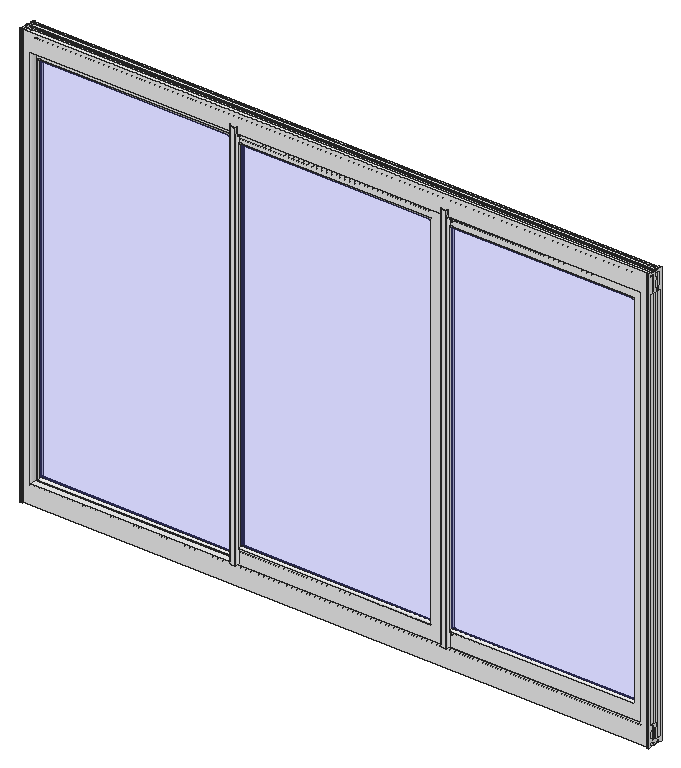
Revit family "DAL_A3-AGI-Sliding-Patio-Door-With-Side-Lights-2960mm", category Doors, host Wall, Revit 2016
Family settings
  Host = Wall
  Always vertical = Yes
  Cut with Voids When Loaded = No
  Shared = No
  Room Calculation Point = No
Parameters (values of type "AGI sliding patio door with side lights 2960mm")
  URL = "http://www.agi.co.za/patioDoor1.htm"
  Panel 2 Width = (Width / 3)  # 986.667 mm
  Panel 2 Hieght = Height - 89 mm  # 1911 mm
  Panel 1 Width = (Width / 3) - 10 mm  # 976.667 mm
  Panel 1 Hieght = Height - 154 mm  # 1846 mm
  Manufacturer = "AGI"
  Function = Interior
  Frame material = none
  Frame Projection Ext. = 25 mm
  Frame Projection Int. = 25 mm
  Frame Width = 75 mm
  Height = 2000 mm
  Wall Closure = By host
  Width = 2960 mm
Reference planes
  plane 1 "Centre(Exterior/Interior)": y = 0
  plane 2 "Center (Left/Right)": x = -250
  plane 3 "Left": x = -1236.667
  plane 4 "Right": x = 1723.333
  plane 5 "Top": z = 2000
  plane 6 "Exterior": y = 75
  plane 7 "Interior": y = -75
  plane 8: z = 25
  plane 9 "Panel top": z = 1936.037
  plane 10: x = -1226.667
  plane 11: x = 1713.333
  plane 12: z = 90
  plane 13: x = 736.667
Forms (mm)
  Sweep 1, solid, material <- "Frame material", detail levels medium+fine
    path origin (0, 0, 0) x (1, 0, 0) y (0, 0, 1)
      loop
        line (1723.333, 0) -> (-1236.667, 0)
    profile "AGI SLIDING PATIO Base frame profile : AGI SLIDING PATIO Base frame profile" origin (243.333, 0, 0) x (0, 0, -1) y (0, -1, 0)
      loop
        line (-90, 32.5) -> (-90, -2.5) -> (-73.55, -2.5) -> (-73.55, 2.5) -> (-86, 2.5) -> (-86, 4.847) -> (-23.5, 4.847) -> (-23.5, -1) -> (-12.362, -1) -> (-12.362, 1) -> (-21, 1) -> (-21, 21.5) -> (-33.87, 21.5) -> (-33.87, 19) -> (-23.5, 19) -> (-23.5, 7.347) -> (-86, 7.347) -> (-86, 19) -> (-73.55, 19) -> (-65.757, 26.793) -> (-69.293, 26.793) -> (-74.586, 21.5) -> (-86, 21.5) -> (-86, 32.5) -> (-90, 32.5)
      loop
        line (-2, 22.5) -> (0, 22.5) -> (0, 32.5) -> (-85, 32.5) -> (-85, 22.5) -> (-75, 22.5) -> (-70, 27.5) -> (-20, 27.5) -> (-20, 3.847) -> (-18.194, 3.847)
        arc (-18.194, 3.847) -> (-10, 0) -> (-18.194, -3.847) r 5
        line (-18.194, -3.847) -> (-20, -3.847) -> (-19.131, -17.639) -> (-25, -17.639) -> (-25, -19.673) -> (-19.003, -19.673) -> (-18.352, -30) -> (-2, -30) -> (-2, -32.5) -> (0, -32.5) -> (0, -25) -> (-13.657, -25) -> (-14.603, -9.992)
        arc (-14.603, -9.992) -> (-8.146, -7.281) -> (-5.05, -1) r 10
        line (-5.05, -1) -> (0, -1) -> (0, 1) -> (-5.05, 1)
        arc (-5.05, 1) -> (-8.292, 7.416) -> (-15, 10) r 10
        line (-15, 10) -> (-15, 27.5) -> (-2, 27.5) -> (-2, 22.5)
  Sweep 2, solid, material <- "Frame material", detail levels medium+fine
    path origin (0, 0, 0) x (1, 0, 0) y (0, 0, 1)
      loop
        line (1723.333, 2000) -> (1723.333, 0)
    profile "AGI SLIDING PATIO side frame profile : AGI SLIDING PATIO side frame profile" origin (1723.333, 0, 1000) x (1, 0, 0) y (0, -1, 0)
      loop
        line (-10, -32.5) -> (-10, -37.5) -> (0, -37.5) -> (0, -32.5) -> (-2, -32.5) -> (-2, -35.5) -> (-5, -35.5) -> (-5, -11.015) -> (-2, -11.015) -> (-2, -6.015) -> (-5, -6.015) -> (-5, -2.5) -> (-2, -2.5) -> (-2, 2.5) -> (-5, 2.5) -> (-5, 35.5) -> (-2, 35.5) -> (-2, 32.5) -> (0, 32.5) -> (0, 37.5) -> (-10, 37.5) -> (-10, 32.5) -> (-40, 32.5) -> (-40, 27.5) -> (-10, 27.5) -> (-10, 2) -> (-8, 2) -> (-8, -2) -> (-10, -2) -> (-10, -27.5) -> (-37.71, -27.5) -> (-37.71, -26.5) -> (-11, -26.5) -> (-11, -24.5) -> (-36.319, -24.5)
        arc (-36.319, -24.5) -> (-38.09, -14) -> (-36.319, -3.5) r 32.018
        line (-36.319, -3.5) -> (-30.069, -3.5) -> (-30.069, -1) -> (-9, -1) -> (-9, 1) -> (-40, 1)
        arc (-40, 1) -> (-42.935, -15.75) -> (-40, -32.5) r 49.268
        line (-40, -32.5) -> (-10, -32.5)
  Sweep 3, solid, material <- "Frame material", detail levels medium+fine
    path origin (0, 0, 0) x (1, 0, 0) y (0, 0, 1)
      loop
        line (-1236.667, 2000) -> (1723.333, 2000)
    profile "AGI SLIDING PATIO Top frame profile : AGI SLIDING PATIO Top frame profile" origin (243.333, 0, 2000) x (0, 0, 1) y (0, -1, 0)
      loop
        line (0, 1.5) -> (-5, 1.5) -> (-5, 27.5) -> (-2, 27.5) -> (-2, 22.5) -> (0, 22.5) -> (0, 32.5) -> (-90, 32.5) -> (-90, 22.5) -> (-75, 22.5) -> (-75, 27.5) -> (-10, 27.5) -> (-10, 1.5) -> (-27.652, 1.5)
        arc (-27.652, 1.5) -> (-28.663, 4.011) -> (-30.5, 6) r 7.5
        line (-30.5, 6) -> (-27.08, 6) -> (-27.08, 2.18) -> (-11, 8) -> (-88, 8) -> (-88, 19.5) -> (-11, 19.5) -> (-27.08, 26.5) -> (-27.08, 21.5) -> (-90, 21.5) -> (-90, 6) -> (-39.5, 6)
        arc (-39.5, 6) -> (-41.337, 4.011) -> (-42.348, 1.5) r 7.5
        line (-42.348, 1.5) -> (-75, 1.5) -> (-75, 5) -> (-90, 5) -> (-90, -5) -> (-75, -5) -> (-75, -1.5) -> (-42.348, -1.5)
        arc (-42.348, -1.5) -> (-41.321, -4.036) -> (-39.453, -6.035) r 7.5
        line (-39.453, -6.035) -> (-36.781, -2.414)
        arc (-36.781, -2.414) -> (-35, 3) -> (-33.219, -2.414) r 3
        line (-33.219, -2.414) -> (-30.547, -6.035)
        arc (-30.547, -6.035) -> (-28.679, -4.036) -> (-27.652, -1.5) r 7.5
        line (-27.652, -1.5) -> (-10, -1.5) -> (-10, -27.5) -> (-75, -27.5) -> (-75, -22.5) -> (-90, -22.5) -> (-90, -32.5) -> (0, -32.5) -> (0, -22.5) -> (-2, -22.5) -> (-2, -27.5) -> (-5, -27.5) -> (-5, -1.5) -> (0, -1.5) -> (0, 1.5)
  Sweep 4, solid, material <- "Frame material", detail levels medium+fine
    path origin (0, 0, 0) x (1, 0, 0) y (0, 0, 1)
      loop
        line (-1236.667, 2000) -> (-1236.667, 0)
    profile "AGI SLIDING PATIO side frame profile : AGI SLIDING PATIO side frame profile" origin (-1236.667, 0, 1000) x (1, 0, 0) y (0, -1, 0)
      loop
        line (10, 32.5) -> (10, 37.5) -> (0, 37.5) -> (0, 32.5) -> (2, 32.5) -> (2, 35.5) -> (5, 35.5) -> (5, 11.015) -> (2, 11.015) -> (2, 6.015) -> (5, 6.015) -> (5, 2.5) -> (2, 2.5) -> (2, -2.5) -> (5, -2.5) -> (5, -35.5) -> (2, -35.5) -> (2, -32.5) -> (0, -32.5) -> (0, -37.5) -> (10, -37.5) -> (10, -32.5) -> (40, -32.5) -> (40, -27.5) -> (10, -27.5) -> (10, -2) -> (8, -2) -> (8, 2) -> (10, 2) -> (10, 27.5) -> (37.71, 27.5) -> (37.71, 26.5) -> (11, 26.5) -> (11, 24.5) -> (36.319, 24.5)
        arc (36.319, 24.5) -> (38.09, 14) -> (36.319, 3.5) r 32.018
        line (36.319, 3.5) -> (30.069, 3.5) -> (30.069, 1) -> (9, 1) -> (9, -1) -> (40, -1)
        arc (40, -1) -> (42.935, 15.75) -> (40, 32.5) r 49.268
        line (40, 32.5) -> (10, 32.5)
Cuts and joins
  joined: Sweep 1, Sweep 2, Sweep 3, Sweep 4
Lines and regions (mm)
  Opening 1
    outline origin (-3050, -75, 0) x (1, 0, 0) y (0, 0, 1)
      loop
        line (1813.333, 0) -> (4773.333, 0) -> (4773.333, 2000) -> (1813.333, 2000) -> (1813.333, 0)
  symbolic lines, style "Elevation Swing"
    curve 1: line (206.116, 12.619, 0) -> (101.116, 12.619, 0)
    curve 2: line (101.116, 12.619, 0) -> (115.258, -1.523, 0)
    curve 3: line (101.116, 12.619, 0) -> (115.258, 26.761, 0)
    curve 14: line (1286.116, 12.619, 0) -> (1181.116, 12.619, 0)
    curve 15: line (1181.116, 12.619, 0) -> (1195.258, -1.523, 0)
    curve 16: line (1181.116, 12.619, 0) -> (1195.258, 26.761, 0)
  symbolic lines, style "Overhead line", detail levels coarse
    curve 4: line (-1236.667, 75, 0) -> (1723.333, 75, 0)
    curve 5: line (1723.333, -75, 0) -> (-1236.667, -75, 0)
  symbolic lines, style "DoorsPanelProjection", detail levels coarse
    curve 6: line (-1236.667, 17, 0) -> (-250, 17, 0)
    curve 7: line (298.333, 0, 1013) -> (178.333, 0, 1013)
    curve 8: line (178.333, 0, 1013) -> (192.475, 0, 1027.142)
    curve 9: line (178.333, 0, 1013) -> (192.475, 0, 998.858)
    curve 10: line (1285, 0, 1013) -> (1165, 0, 1013)
    curve 11: line (1165, 0, 1013) -> (1179.142, 0, 1027.142)
    curve 12: line (1165, 0, 1013) -> (1179.142, 0, 998.858)
    curve 13: line (1723.333, -14.5, 0) -> (-250, -14.5, 0)
Text (mm)
  text "Exterior" at (-2295.016, 1099.543, 0), in view "Ref. Level"
  text "Exterior" at (0, 1615.38, 3698.081), in view "Left"
  text "Exterior" at (0, 1036.032, 3874.932), in view "Right"
Dimensions and locks
  equal spacing: plane 3 "Left", plane 2 "Center (Left/Right)", plane 13, plane 4 "Right"
  "Width": plane 3 "Left" to plane 4 "Right"
  "Height": plane 5 "Top" to host wall
  host wall to plane 5 "Top" = 2000 mm  (x2)
  locked: plane 6 "Exterior" to host wall at 0
  locked: plane 7 "Interior" to host wall
  locked: level to plane 8 at 25
  locked: plane 3 "Left" to plane 10 at 10
  locked: plane 11 to plane 4 "Right" at 10
  locked: level to plane 12 at 90
  aligned and locked: plane 3 "Left" to Opening 1 sketch curve
  aligned and locked: plane 5 "Top" to Opening 1 sketch curve  (x2)
  aligned and locked: Opening 1 sketch curve to plane 4 "Right"
  aligned and locked: Opening 1 sketch curve to level
  aligned and locked: plane 1 "Centre(Exterior/Interior)" to host wall
  aligned and locked: level to Sweep 1 sketch curve
  aligned and locked: plane 4 "Right" to Sweep 1 sketch curve
  aligned and locked: plane 3 "Left" to Sweep 1 sketch curve
  aligned and locked: plane 4 "Right" to Sweep 2 sketch curve
  aligned and locked: plane 5 "Top" to Sweep 2 sketch curve
  aligned and locked: level to Sweep 2 sketch curve
  aligned and locked: plane 5 "Top" to Sweep 3 sketch curve
  aligned and locked: plane 4 "Right" to Sweep 3 sketch curve
  aligned and locked: plane 3 "Left" to Sweep 3 sketch curve
  aligned and locked: plane 3 "Left" to Sweep 4 sketch curve
  aligned and locked: plane 5 "Top" to Sweep 4 sketch curve
  aligned and locked: level to Sweep 4 sketch curve
  aligned and locked: nested 1 to plane 8
  aligned and locked: plane 3 "Left" to curve 4
  aligned and locked: plane 4 "Right" to curve 4
  aligned and locked: plane 4 "Right" to curve 5
  aligned and locked: curve 5 to plane 7 "Interior"
  aligned and locked: plane 6 "Exterior" to curve 4
  aligned and locked: plane 2 "Center (Left/Right)" to curve 6
  aligned and locked: plane 3 "Left" to curve 6
  aligned and locked: plane 12 to nested 3
  aligned and locked: plane 13 to nested 3
  aligned and locked: nested 3 to nested 2
  aligned and locked: plane 11 to nested 2
  aligned and locked: nested 1 to plane 10
  aligned and locked: nested 2 to cut or joined group of Sweep 1, Sweep 2, Sweep 3, Sweep 4
  aligned and locked: cut or joined group of Sweep 1, Sweep 2, Sweep 3, Sweep 4 to nested 1
  aligned and locked: plane 2 "Center (Left/Right)" to curve 13
  aligned and locked: plane 4 "Right" to curve 13
  aligned and locked: curve 13 to nested 2
Automatic sketch dimensions
  plane 2 "Center (Left/Right)" to curve 7 = 428.333 mm
  curve 7 to curve 8 = 14.142 mm
  curve 7 to curve 9 = 14.142 mm
  curve 8 to curve 7 = 105.858 mm
  plane 13 to curve 10 = 428.333 mm
  curve 12 to curve 11 = 14.142 mm
  curve 12 to curve 12 = 14.142 mm  (x2)
  curve 11 to curve 10 = 105.858 mm
  curve 9 to plane 12 = 908.858 mm
  curve 12 to curve 9 = 0 mm
  curve 9 to curve 8 = 14.142 mm
  curve 5 to plane 3 "Left" = 0 mm
  curve 1 to host wall = 12.619 mm
  plane 2 "Center (Left/Right)" to curve 1 = 351.116 mm
  curve 3 to host wall = 26.761 mm
  curve 1 to curve 3 = 14.142 mm
  host wall to curve 2 = 1.523 mm
  curve 3 to curve 1 = 90.858 mm
  curve 16 to host wall = 12.619 mm
  plane 13 to curve 16 = 444.449 mm
  host wall to curve 15 = 1.523 mm
  curve 14 to curve 15 = 14.142 mm
  curve 16 to host wall = 26.761 mm
  curve 16 to curve 14 = 90.858 mm
  curve 6 to host wall = 17 mm
Nested families
  nested 1: "AGI sliding patio side i" at (-590.533, 17, 25), type "AGI sliding patio side i", detail levels medium+fine
    with Width 986.667 mm
  nested 2: "AGI sliding patio side II" at (1367.8, -14.5, 90), type "AGI sliding patio side II", detail levels medium+fine
    with Width 976.667 mm
  nested 3: "AGI sliding patio side IV" at (381.133, -14.5, 90), type "AGI sliding patio side II", detail levels medium+fine
    with Width 986.667 mm
Definition of nested family "AGI sliding patio side i"
  Parameters
    Width = 750 mm
    Height = 1911 mm
    Glass = none
    Frame = none
    Assembly Code = ""
  Reference planes
    plane 1 "Center (Front/Back)": y = 0
    plane 2: z = 0
    plane 3 "Center (Left/Right)": x = -142.8
    plane 4 "Right": x = 232.2
    plane 5 "Left": x = -517.8
    plane 6: z = 1911
    plane 7: z = 1846
    plane 8: z = 65
    plane 9 "PANEL": y = 2.5
    plane 10: x = -488.8
    plane 11: x = 203.2
  Forms (mm)
    Sweep 1, solid
      path origin (0, 0, 0) x (1, 0, 0) y (0, 1, 0)
        loop
          line (232.2, 0) -> (-517.8, 0)
      profile "AGI panel top & bottom profile : AGI panel top & bottom profile" origin (-142.8, 0, 0) x (0, -1, 0) y (0, 0, 1)
        loop
          line (13, 0) -> (13, 65)
          arc (13, 65) -> (9.925, 72.425) -> (2.5, 75.5) r 10.5
          line (2.5, 75.5) -> (2.5, 65) -> (5, 65) -> (5, 69.899)
          arc (5, 69.899) -> (7.19, 67.872) -> (8, 65) r 5.5
          line (8, 65) -> (8, 54.802) -> (3.867, 54.802)
          arc (3.867, 54.802) -> (0, 56.632) -> (-3.867, 54.802) r 5
          line (-3.867, 54.802) -> (-8, 54.802) -> (-8, 65)
          arc (-8, 65) -> (-7.19, 67.872) -> (-5, 69.899) r 5.5
          line (-5, 69.899) -> (-5, 65) -> (-2.5, 65) -> (-2.5, 75.5)
          arc (-2.5, 75.5) -> (-9.925, 72.425) -> (-13, 65) r 10.5
          line (-13, 65) -> (-13, 0) -> (-5, 0) -> (-5, 5) -> (-8, 5) -> (-8, 49.802) -> (-4.653, 49.802)
          arc (-4.653, 49.802) -> (-3.789, 48.369) -> (-2.5, 47.302) r 5
          line (-2.5, 47.302) -> (-0.948, 49.319)
          arc (-0.948, 49.319) -> (-0.168, 54.126) -> (1.25, 49.467) r 2.5
          line (1.25, 49.467) -> (2.5, 47.302)
          arc (2.5, 47.302) -> (3.789, 48.369) -> (4.653, 49.802) r 5
          line (4.653, 49.802) -> (8, 49.802) -> (8, 5) -> (5, 5) -> (5, 0) -> (13, 0)
    Sweep 2, solid
      path origin (0, 0, 0) x (1, 0, 0) y (0, 0, 1)
        loop
          line (-517.8, 1911) -> (232.2, 1911)
      profile "AGI panel top & bottom profile : AGI panel top & bottom profile" origin (-142.8, 0, 1911) x (0, 0, 1) y (0, -1, 0)
        loop
          line (0, 13) -> (-65, 13)
          arc (-65, 13) -> (-72.425, 9.925) -> (-75.5, 2.5) r 10.5
          line (-75.5, 2.5) -> (-65, 2.5) -> (-65, 5) -> (-69.899, 5)
          arc (-69.899, 5) -> (-67.872, 7.19) -> (-65, 8) r 5.5
          line (-65, 8) -> (-54.802, 8) -> (-54.802, 3.867)
          arc (-54.802, 3.867) -> (-56.632, 0) -> (-54.802, -3.867) r 5
          line (-54.802, -3.867) -> (-54.802, -8) -> (-65, -8)
          arc (-65, -8) -> (-67.872, -7.19) -> (-69.899, -5) r 5.5
          line (-69.899, -5) -> (-65, -5) -> (-65, -2.5) -> (-75.5, -2.5)
          arc (-75.5, -2.5) -> (-72.425, -9.925) -> (-65, -13) r 10.5
          line (-65, -13) -> (0, -13) -> (0, -5) -> (-5, -5) -> (-5, -8) -> (-49.802, -8) -> (-49.802, -4.653)
          arc (-49.802, -4.653) -> (-48.369, -3.789) -> (-47.302, -2.5) r 5
          line (-47.302, -2.5) -> (-49.319, -0.948)
          arc (-49.319, -0.948) -> (-54.126, -0.168) -> (-49.467, 1.25) r 2.5
          line (-49.467, 1.25) -> (-47.302, 2.5)
          arc (-47.302, 2.5) -> (-48.369, 3.789) -> (-49.802, 4.653) r 5
          line (-49.802, 4.653) -> (-49.802, 8) -> (-5, 8) -> (-5, 5) -> (0, 5) -> (0, 13)
    Sweep 3, solid
      path origin (0, 0, 0) x (1, 0, 0) y (0, 0, 1)
        loop
          line (-517.8, 1911) -> (-517.8, 0)
      profile "AGI panel side profile i : AGI panel side profile i" origin (-517.8, 0, 955.5) x (1, 0, 0) y (0, -1, 0)
        loop
          line (0, 13) -> (0, 8) -> (12, 8) -> (12, -8) -> (0, -8) -> (0, -13) -> (40, -13) -> (40, -8) -> (39, -8) -> (39, -2.5) -> (29, -2.5) -> (29, -5) -> (34, -5) -> (34, -8) -> (17, -8) -> (17, 8) -> (34, 8) -> (34, 5) -> (29, 5) -> (29, 2.5) -> (39, 2.5) -> (39, 8) -> (40, 8) -> (40, 13) -> (0, 13)
    Sweep 4, solid
      path origin (0, 0, 0) x (1, 0, 0) y (0, 0, 1)
        loop
          line (232.2, 1911) -> (232.2, 0)
      profile "AGI panel side profile st : AGI panel side profile st" origin (232.2, 0, 955.5) x (1, 0, 0) y (0, -1, 0)
        loop
          line (0.808, 8) -> (-13.241, 8) -> (-12, 6.759) -> (-12, -8) -> (-1.155, -8)
          arc (-1.155, -8) -> (1.377, -0.19) -> (0.808, 8) r 21.581
        loop
          arc (1.595, -13) -> (6.537, 2.438) -> (1.595, 17.875) r 26.581
          line (1.595, 17.875) -> (-12, 17.875) -> (0, 15) -> (0, 13) -> (-40, 13) -> (-40, 8) -> (-39, 8) -> (-39, 2.5) -> (-29, 2.5) -> (-29, 5) -> (-34, 5) -> (-34, 8) -> (-20, 8) -> (-17, 5) -> (-17, -8) -> (-34, -8) -> (-34, -5) -> (-29, -5) -> (-29, -2.5) -> (-39, -2.5) -> (-39, -8) -> (-40, -8) -> (-40, -13) -> (1.595, -13)
    Extrusion 5, solid, material <- "Glass"
      sketch origin (0, 2.5, 0) x (1, 0, 0) y (0, 0, 1)
        loop
          line (-488.8, 65) -> (203.2, 65) -> (203.2, 1846) -> (-488.8, 1846) -> (-488.8, 65)
      from 0 to 5
  Cuts and joins
    joined: Sweep 1, Sweep 2, Sweep 3, Sweep 4
  Dimensions and locks
    equal spacing: plane 5 "Left", plane 3 "Center (Left/Right)", plane 4 "Right"
    "Width": plane 5 "Left" to plane 4 "Right"
    "Height": plane 6 to plane 2
    locked: level to plane 8 at 65
    locked: plane 7 to plane 6 at 65
    locked: plane 5 "Left" to plane 10 at 29
    locked: plane 11 to plane 4 "Right" at 29
    aligned and locked: level to plane 2
    aligned and locked: Sweep 1 sketch curve to plane 1 "Center (Front/Back)"
    aligned and locked: plane 5 "Left" to Sweep 1 sketch curve
    aligned and locked: plane 4 "Right" to Sweep 1 sketch curve
    aligned and locked: Sweep 2 sketch curve to plane 6
    aligned and locked: plane 5 "Left" to Sweep 2 sketch curve
    aligned and locked: plane 4 "Right" to Sweep 2 sketch curve
    aligned and locked: Sweep 3 sketch curve to plane 5 "Left"
    aligned and locked: plane 6 to Sweep 3 sketch curve
    aligned and locked: plane 2 to Sweep 3 sketch curve
    aligned and locked: Sweep 4 sketch curve to plane 4 "Right"
    aligned and locked: plane 6 to Sweep 4 sketch curve
    aligned and locked: plane 2 to Sweep 4 sketch curve
    aligned and locked: Extrusion 5 sketch curve to plane 10
    aligned and locked: Extrusion 5 sketch curve to plane 7
    aligned and locked: Extrusion 5 sketch curve to plane 8
    aligned and locked: Extrusion 5 sketch curve to plane 11
Definition of nested family "AGI sliding patio side II"
  Parameters
    Width = 500 mm
    Height = 1846 mm
    Glass = none
    Frame = none
    Assembly Code = ""
  Reference planes
    plane 1 "Center (Front/Back)": y = 0
    plane 2: z = 0
    plane 3 "Center (Left/Right)": x = -142.8
    plane 4 "Right": x = 107.2
    plane 5 "Left": x = -392.8
    plane 6: z = 1846
    plane 7: z = 1781
    plane 8: z = 65
    plane 9 "PANEL": y = 2.5
    plane 10: x = -363.8
    plane 11: x = 53.2
  Forms (mm)
    Sweep 1, solid
      path origin (0, 0, 0) x (1, 0, 0) y (0, 1, 0)
        loop
          line (107.2, 0) -> (-392.8, 0)
      profile "AGI panel top & bottom profile : AGI panel top & bottom profile" origin (-142.8, 0, 0) x (0, -1, 0) y (0, 0, 1)
        loop
          line (13, 0) -> (13, 65)
          arc (13, 65) -> (9.925, 72.425) -> (2.5, 75.5) r 10.5
          line (2.5, 75.5) -> (2.5, 65) -> (5, 65) -> (5, 69.899)
          arc (5, 69.899) -> (7.19, 67.872) -> (8, 65) r 5.5
          line (8, 65) -> (8, 54.802) -> (3.867, 54.802)
          arc (3.867, 54.802) -> (0, 56.632) -> (-3.867, 54.802) r 5
          line (-3.867, 54.802) -> (-8, 54.802) -> (-8, 65)
          arc (-8, 65) -> (-7.19, 67.872) -> (-5, 69.899) r 5.5
          line (-5, 69.899) -> (-5, 65) -> (-2.5, 65) -> (-2.5, 75.5)
          arc (-2.5, 75.5) -> (-9.925, 72.425) -> (-13, 65) r 10.5
          line (-13, 65) -> (-13, 0) -> (-5, 0) -> (-5, 5) -> (-8, 5) -> (-8, 49.802) -> (-4.653, 49.802)
          arc (-4.653, 49.802) -> (-3.789, 48.369) -> (-2.5, 47.302) r 5
          line (-2.5, 47.302) -> (-0.948, 49.319)
          arc (-0.948, 49.319) -> (-0.168, 54.126) -> (1.25, 49.467) r 2.5
          line (1.25, 49.467) -> (2.5, 47.302)
          arc (2.5, 47.302) -> (3.789, 48.369) -> (4.653, 49.802) r 5
          line (4.653, 49.802) -> (8, 49.802) -> (8, 5) -> (5, 5) -> (5, 0) -> (13, 0)
    Sweep 2, solid
      path origin (0, 0, 0) x (1, 0, 0) y (0, 0, 1)
        loop
          line (-392.8, 1846) -> (107.2, 1846)
      profile "AGI panel top & bottom profile : AGI panel top & bottom profile" origin (-142.8, 0, 1846) x (0, 0, 1) y (0, -1, 0)
        loop
          line (0, 13) -> (-65, 13)
          arc (-65, 13) -> (-72.425, 9.925) -> (-75.5, 2.5) r 10.5
          line (-75.5, 2.5) -> (-65, 2.5) -> (-65, 5) -> (-69.899, 5)
          arc (-69.899, 5) -> (-67.872, 7.19) -> (-65, 8) r 5.5
          line (-65, 8) -> (-54.802, 8) -> (-54.802, 3.867)
          arc (-54.802, 3.867) -> (-56.632, 0) -> (-54.802, -3.867) r 5
          line (-54.802, -3.867) -> (-54.802, -8) -> (-65, -8)
          arc (-65, -8) -> (-67.872, -7.19) -> (-69.899, -5) r 5.5
          line (-69.899, -5) -> (-65, -5) -> (-65, -2.5) -> (-75.5, -2.5)
          arc (-75.5, -2.5) -> (-72.425, -9.925) -> (-65, -13) r 10.5
          line (-65, -13) -> (0, -13) -> (0, -5) -> (-5, -5) -> (-5, -8) -> (-49.802, -8) -> (-49.802, -4.653)
          arc (-49.802, -4.653) -> (-48.369, -3.789) -> (-47.302, -2.5) r 5
          line (-47.302, -2.5) -> (-49.319, -0.948)
          arc (-49.319, -0.948) -> (-54.126, -0.168) -> (-49.467, 1.25) r 2.5
          line (-49.467, 1.25) -> (-47.302, 2.5)
          arc (-47.302, 2.5) -> (-48.369, 3.789) -> (-49.802, 4.653) r 5
          line (-49.802, 4.653) -> (-49.802, 8) -> (-5, 8) -> (-5, 5) -> (0, 5) -> (0, 13)
    Extrusion 3, solid, material <- "Glass"
      sketch origin (0, 2.5, 0) x (1, 0, 0) y (0, 0, 1)
        loop
          line (-363.8, 65) -> (53.2, 65) -> (53.2, 1781) -> (-363.8, 1781) -> (-363.8, 65)
      from 0 to 5
    Sweep 4, solid
      path origin (0, 2.5, 0) x (1, 0, 0) y (0, 0, 1)
        loop
          line (-392.8, 1846) -> (-392.8, 0)
      profile "AGI panel side profile outside : AGI panel side profile outside" origin (-392.8, 2.5, 923) x (1, 0, 0) y (0, -1, 0)
        loop
          line (5.005, -5.5) -> (14.841, -5.5) -> (13.6, -4.259) -> (13.6, 10.5) -> (5.005, 10.5) -> (5.005, -5.5)
        loop
          line (0.005, -10.5) -> (41.6, -10.5) -> (41.6, -5.5) -> (40.6, -5.5) -> (40.6, 0) -> (30.6, 0) -> (30.6, -2.5) -> (35.6, -2.5) -> (35.6, -5.5) -> (21.6, -5.5) -> (18.6, -2.5) -> (18.6, 10.5) -> (35.6, 10.5) -> (35.6, 7.5) -> (30.6, 7.5) -> (30.6, 5) -> (40.6, 5) -> (40.6, 10.5) -> (41.6, 10.5) -> (41.6, 15.5)
          arc (41.6, 15.5) -> (36.124, 20.153) -> (36.892, 27.297) r 7.681
          arc (36.892, 27.297) -> (37.161, 30.042) -> (35.01, 31.769) r 2.898
          arc (35.01, 31.769) -> (14.921, 29.201) -> (0.005, 15.5) r 33.416
          line (0.005, 15.5) -> (0.005, -10.5)
        loop
          line (5.982, 15.5) -> (38.886, 15.5)
          arc (38.886, 15.5) -> (34.795, 21.066) -> (36.063, 27.857) r 8.681
          arc (36.063, 27.857) -> (36.257, 29.614) -> (34.919, 30.769) r 1.899
          arc (34.919, 30.769) -> (17.97, 29.377) -> (4.058, 19.596) r 32.416
          arc (4.058, 19.596) -> (3.719, 16.937) -> (5.982, 15.5) r 2.5
    Sweep 5, solid
      path origin (0, 2.5, 0) x (1, 0, 0) y (0, 0, 1)
        loop
          line (107.2, 1846) -> (107.2, 0)
      profile "AGI panel side profile lng : AGI panel side profile lng" origin (107.2, 2.5, 923) x (1, 0, 0) y (0, -1, 0)
        loop
          line (-16.155, 10.5) -> (-37, 10.5) -> (-37, -5.5) -> (-16.155, -5.5) -> (-16.155, 10.5)
        loop
          line (0, -10.5) -> (0, -2.5) -> (-5, -2.5) -> (-5, -5.5) -> (-11.155, -5.5) -> (-11.155, 10.5) -> (-5, 10.5) -> (-5, 7.5) -> (0, 7.5) -> (0, 15.5) -> (-65, 15.5) -> (-65, 10.5) -> (-64, 10.5) -> (-64, 5) -> (-54, 5) -> (-54, 7.5) -> (-59, 7.5) -> (-59, 10.5) -> (-42, 10.5) -> (-42, -5.5) -> (-59, -5.5) -> (-59, -2.5) -> (-54, -2.5) -> (-54, 0) -> (-64, 0) -> (-64, -5.5) -> (-65, -5.5) -> (-65, -10.5) -> (0, -10.5)
  Cuts and joins
    joined: Sweep 1, Sweep 2, Sweep 4, Sweep 5
  Dimensions and locks
    equal spacing: plane 5 "Left", plane 3 "Center (Left/Right)", plane 4 "Right"
    "Width": plane 5 "Left" to plane 4 "Right"
    "Height": plane 6 to plane 2
    locked: level to plane 8 at 65
    locked: plane 7 to plane 6 at 65
    locked: plane 5 "Left" to plane 10 at 29
    locked: plane 11 to plane 4 "Right" at 54
    aligned and locked: level to plane 2
    aligned and locked: Sweep 1 sketch curve to plane 1 "Center (Front/Back)"
    aligned and locked: plane 5 "Left" to Sweep 1 sketch curve
    aligned and locked: plane 4 "Right" to Sweep 1 sketch curve
    aligned and locked: Sweep 2 sketch curve to plane 6
    aligned and locked: plane 5 "Left" to Sweep 2 sketch curve
    aligned and locked: plane 4 "Right" to Sweep 2 sketch curve
    aligned and locked: Extrusion 3 sketch curve to plane 10
    aligned and locked: Extrusion 3 sketch curve to plane 7
    aligned and locked: Extrusion 3 sketch curve to plane 8
    aligned and locked: Extrusion 3 sketch curve to plane 11
    aligned and locked: Sweep 4 sketch curve to plane 5 "Left"
    aligned and locked: plane 6 to Sweep 4 sketch curve
    aligned and locked: plane 2 to Sweep 4 sketch curve
    aligned and locked: Sweep 5 sketch curve to plane 4 "Right"
    aligned and locked: plane 6 to Sweep 5 sketch curve
    aligned and locked: plane 2 to Sweep 5 sketch curve
  Automatic sketch dimensions
    Sweep 4 sketch curve to level = 0 mm
Definition of nested family "AGI sliding patio side IV"
  Parameters
    Width = 500 mm
    Height = 1846 mm
    Glass = none
    Frame = none
    Assembly Code = ""
  Reference planes
    plane 1 "Center (Front/Back)": y = 0
    plane 2: z = 0
    plane 3 "Center (Left/Right)": x = -142.8
    plane 4 "Right": x = 107.2
    plane 5 "Left": x = -392.8
    plane 6: z = 1846
    plane 7: z = 1781
    plane 8: z = 65
    plane 9 "PANEL": y = 2.5
    plane 10: x = -363.8
    plane 11: x = 78.2
  Forms (mm)
    Sweep 1, solid
      path origin (0, 0, 0) x (1, 0, 0) y (0, 1, 0)
        loop
          line (107.2, 0) -> (-392.8, 0)
      profile "AGI panel top & bottom profile : AGI panel top & bottom profile" origin (-142.8, 0, 0) x (0, -1, 0) y (0, 0, 1)
        loop
          line (13, 0) -> (13, 65)
          arc (13, 65) -> (9.925, 72.425) -> (2.5, 75.5) r 10.5
          line (2.5, 75.5) -> (2.5, 65) -> (5, 65) -> (5, 69.899)
          arc (5, 69.899) -> (7.19, 67.872) -> (8, 65) r 5.5
          line (8, 65) -> (8, 54.802) -> (3.867, 54.802)
          arc (3.867, 54.802) -> (0, 56.632) -> (-3.867, 54.802) r 5
          line (-3.867, 54.802) -> (-8, 54.802) -> (-8, 65)
          arc (-8, 65) -> (-7.19, 67.872) -> (-5, 69.899) r 5.5
          line (-5, 69.899) -> (-5, 65) -> (-2.5, 65) -> (-2.5, 75.5)
          arc (-2.5, 75.5) -> (-9.925, 72.425) -> (-13, 65) r 10.5
          line (-13, 65) -> (-13, 0) -> (-5, 0) -> (-5, 5) -> (-8, 5) -> (-8, 49.802) -> (-4.653, 49.802)
          arc (-4.653, 49.802) -> (-3.789, 48.369) -> (-2.5, 47.302) r 5
          line (-2.5, 47.302) -> (-0.948, 49.319)
          arc (-0.948, 49.319) -> (-0.168, 54.126) -> (1.25, 49.467) r 2.5
          line (1.25, 49.467) -> (2.5, 47.302)
          arc (2.5, 47.302) -> (3.789, 48.369) -> (4.653, 49.802) r 5
          line (4.653, 49.802) -> (8, 49.802) -> (8, 5) -> (5, 5) -> (5, 0) -> (13, 0)
    Sweep 2, solid
      path origin (0, 0, 0) x (1, 0, 0) y (0, 0, 1)
        loop
          line (-392.8, 1846) -> (107.2, 1846)
      profile "AGI panel top & bottom profile : AGI panel top & bottom profile" origin (-142.8, 0, 1846) x (0, 0, 1) y (0, -1, 0)
        loop
          line (0, 13) -> (-65, 13)
          arc (-65, 13) -> (-72.425, 9.925) -> (-75.5, 2.5) r 10.5
          line (-75.5, 2.5) -> (-65, 2.5) -> (-65, 5) -> (-69.899, 5)
          arc (-69.899, 5) -> (-67.872, 7.19) -> (-65, 8) r 5.5
          line (-65, 8) -> (-54.802, 8) -> (-54.802, 3.867)
          arc (-54.802, 3.867) -> (-56.632, 0) -> (-54.802, -3.867) r 5
          line (-54.802, -3.867) -> (-54.802, -8) -> (-65, -8)
          arc (-65, -8) -> (-67.872, -7.19) -> (-69.899, -5) r 5.5
          line (-69.899, -5) -> (-65, -5) -> (-65, -2.5) -> (-75.5, -2.5)
          arc (-75.5, -2.5) -> (-72.425, -9.925) -> (-65, -13) r 10.5
          line (-65, -13) -> (0, -13) -> (0, -5) -> (-5, -5) -> (-5, -8) -> (-49.802, -8) -> (-49.802, -4.653)
          arc (-49.802, -4.653) -> (-48.369, -3.789) -> (-47.302, -2.5) r 5
          line (-47.302, -2.5) -> (-49.319, -0.948)
          arc (-49.319, -0.948) -> (-54.126, -0.168) -> (-49.467, 1.25) r 2.5
          line (-49.467, 1.25) -> (-47.302, 2.5)
          arc (-47.302, 2.5) -> (-48.369, 3.789) -> (-49.802, 4.653) r 5
          line (-49.802, 4.653) -> (-49.802, 8) -> (-5, 8) -> (-5, 5) -> (0, 5) -> (0, 13)
    Extrusion 3, solid, material <- "Glass"
      sketch origin (0, 2.5, 0) x (1, 0, 0) y (0, 0, 1)
        loop
          line (-363.8, 65) -> (78.2, 65) -> (78.2, 1781) -> (-363.8, 1781) -> (-363.8, 65)
      from 0 to 5
    Sweep 4, solid
      path origin (0, 2.5, 0) x (1, 0, 0) y (0, 0, 1)
        loop
          line (-392.8, 1846) -> (-392.8, 0)
      profile "AGI panel side profile outside : AGI panel side profile outside" origin (-392.8, 2.5, 923) x (1, 0, 0) y (0, -1, 0)
        loop
          line (-0.808, -5.5) -> (13.241, -5.5) -> (12, -4.259) -> (12, 10.5) -> (1.155, 10.5)
          arc (1.155, 10.5) -> (-1.377, 2.69) -> (-0.808, -5.5) r 21.581
        loop
          line (0, -10.5) -> (40, -10.5) -> (40, -5.5) -> (39, -5.5) -> (39, 0) -> (29, 0) -> (29, -2.5) -> (34, -2.5) -> (34, -5.5) -> (20, -5.5) -> (17, -2.5) -> (17, 10.5) -> (34, 10.5) -> (34, 7.5) -> (29, 7.5) -> (29, 5) -> (39, 5) -> (39, 10.5) -> (40, 10.5) -> (40, 15.5)
          arc (40, 15.5) -> (34.524, 20.153) -> (35.292, 27.297) r 7.681
          arc (35.292, 27.297) -> (35.561, 30.042) -> (33.41, 31.769) r 2.898
          arc (33.41, 31.769) -> (13.321, 29.201) -> (-1.595, 15.5) r 33.416
          arc (-1.595, 15.5) -> (-6.537, 0.062) -> (-1.595, -15.375) r 26.581
          line (-1.595, -15.375) -> (12, -15.375) -> (0, -12.5) -> (0, -10.5)
        loop
          line (-0.437, 15.5) -> (37.286, 15.5)
          arc (37.286, 15.5) -> (33.195, 21.066) -> (34.463, 27.857) r 8.681
          arc (34.463, 27.857) -> (34.657, 29.614) -> (33.319, 30.769) r 1.899
          arc (33.319, 30.769) -> (14.045, 28.432) -> (-0.437, 15.5) r 32.416
    Sweep 5, solid
      path origin (0, 0, 0) x (1, 0, 0) y (0, 0, 1)
        loop
          line (107.2, 1846) -> (107.2, 0)
      profile "AGI panel side profile II : AGI panel side profile II" origin (107.2, 0, 923) x (1, 0, 0) y (0, -1, 0)
        loop
          line (0, -8) -> (0, 8) -> (-12, 8) -> (-12, -8) -> (0, -8)
        loop
          line (2.502, 13) -> (-40, 13) -> (-40, 8) -> (-39, 8) -> (-39, 2.5) -> (-29, 2.5) -> (-29, 5) -> (-34, 5) -> (-34, 8) -> (-17, 8) -> (-17, -8) -> (-34, -8) -> (-34, -5) -> (-29, -5) -> (-29, -2.5) -> (-39, -2.5) -> (-39, -8) -> (-40, -8) -> (-40, -13) -> (2.5, -13)
          arc (2.5, -13) -> (4.268, -12.268) -> (5, -10.5) r 2.5
          line (5, -10.5) -> (5, 10.502)
          arc (5, 10.502) -> (4.268, 12.268) -> (2.502, 13) r 2.498
  Cuts and joins
    joined: Sweep 1, Sweep 2, Sweep 4, Sweep 5
  Dimensions and locks
    equal spacing: plane 5 "Left", plane 3 "Center (Left/Right)", plane 4 "Right"
    "Width": plane 5 "Left" to plane 4 "Right"
    "Height": plane 6 to plane 2
    locked: level to plane 8 at 65
    locked: plane 7 to plane 6 at 65
    locked: plane 5 "Left" to plane 10 at 29
    locked: plane 11 to plane 4 "Right" at 29
    aligned and locked: level to plane 2
    aligned and locked: Sweep 1 sketch curve to plane 1 "Center (Front/Back)"
    aligned and locked: plane 5 "Left" to Sweep 1 sketch curve
    aligned and locked: plane 4 "Right" to Sweep 1 sketch curve
    aligned and locked: Sweep 2 sketch curve to plane 6
    aligned and locked: plane 5 "Left" to Sweep 2 sketch curve
    aligned and locked: plane 4 "Right" to Sweep 2 sketch curve
    aligned and locked: Extrusion 3 sketch curve to plane 10
    aligned and locked: Extrusion 3 sketch curve to plane 7
    aligned and locked: Extrusion 3 sketch curve to plane 8
    aligned and locked: Extrusion 3 sketch curve to plane 11
    aligned and locked: Sweep 4 sketch curve to plane 5 "Left"
    aligned and locked: plane 6 to Sweep 4 sketch curve
    aligned and locked: plane 2 to Sweep 4 sketch curve
    aligned and locked: plane 6 to Sweep 5 sketch curve
    aligned and locked: plane 2 to Sweep 5 sketch curve
  Automatic sketch dimensions
    Sweep 4 sketch curve to level = 0 mm
    Sweep 5 sketch curve to plane 4 "Right" = 0 mm
